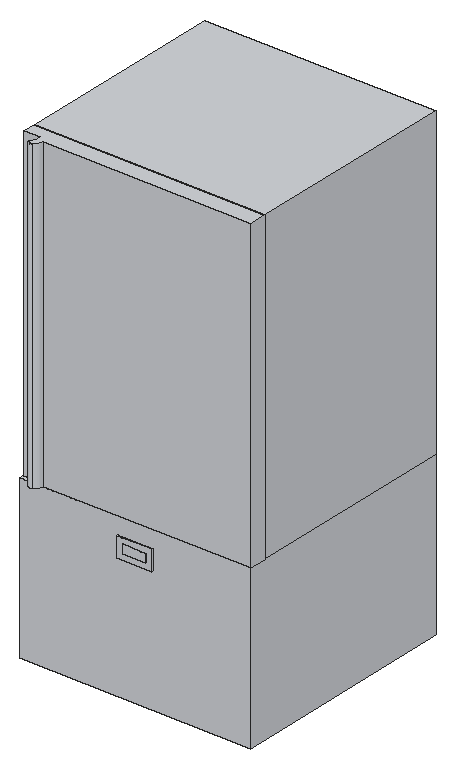
Revit family "Шкафы шоковой заморозки", category Оборудование, Revit 2020 (continued)
Automatic sketch dimensions
  curve 2245 to curve 2046 = 15 mm  (x2)
  curve 2239 to curve 2038 = 15 mm  (x2)
  curve 2293 to curve 2110 = 15 mm  (x2)
  curve 2365 to curve 2206 = 15 mm  (x2)
  curve 2359 to curve 2198 = 15 mm  (x2)
  curve 2142 to curve 2038 = 0 mm
  curve 2299 to curve 2118 = 15 mm  (x2)
  curve 2383 to curve 2230 = 15 mm  (x2)
  curve 2353 to curve 2190 = 15 mm  (x2)
  curve 2263 to curve 2070 = 15 mm  (x2)
  curve 2275 to curve 2086 = 15 mm  (x2)
  curve 2287 to curve 2110 = 0.858 mm
  curve 2317 to curve 2150 = 0.858 mm
  curve 2251 to curve 2062 = 0.858 mm
  curve 2323 to curve 2158 = 0.858 mm
  curve 2377 to curve 2230 = 0.858 mm
  curve 2383 to curve 2238 = 0.858 mm
  curve 2365 to curve 2214 = 0.858 mm
  curve 2275 to curve 2094 = 0.858 mm
  curve 2293 to curve 2118 = 0.858 mm
  curve 2305 to curve 2134 = 0.858 mm
  curve 2359 to curve 2206 = 0.858 mm
  curve 2263 to curve 2078 = 0.858 mm
  curve 2353 to curve 2198 = 0.858 mm
  curve 2299 to curve 2126 = 0.858 mm
  curve 2281 to curve 2102 = 0.858 mm
  curve 2245 to curve 2054 = 0.858 mm
  curve 2371 to curve 2222 = 0.858 mm
  curve 2239 to curve 2046 = 0.858 mm
  curve 2257 to curve 2070 = 0.858 mm
  curve 2347 to curve 2190 = 0.858 mm
  curve 2389 to curve 2238 = 0.858 mm
  curve 2269 to curve 2086 = 0.858 mm
  curve 2335 to curve 2174 = 0.858 mm
  curve 2329 to curve 2166 = 0.858 mm
  curve 2341 to curve 2182 = 0.858 mm
  curve 2311 to curve 2134 = 0.858 mm
  curve 2317 to curve 2142 = 15 mm
  curve 2214 to curve 2221 = 0.858 mm
  curve 2142 to curve 2141 = 0.858 mm
  curve 2166 to curve 2173 = 0.858 mm
  curve 2182 to curve 2189 = 0.858 mm
  curve 2206 to curve 2213 = 0.858 mm
  curve 2046 to curve 2053 = 0.858 mm
  curve 2038 to curve 2045 = 0.858 mm
  curve 2070 to curve 2077 = 0.858 mm
  curve 2142 to curve 2149 = 0.858 mm
  curve 2062 to curve 2069 = 0.858 mm
  curve 2126 to curve 2133 = 0.858 mm
  curve 2222 to curve 2229 = 0.858 mm
  curve 2150 to curve 2157 = 0.858 mm
  curve 2110 to curve 2117 = 0.858 mm
  curve 2086 to curve 2093 = 0.858 mm
  curve 2078 to curve 2085 = 0.858 mm
  curve 2158 to curve 2165 = 0.858 mm
  curve 2174 to curve 2181 = 0.858 mm
  curve 2230 to curve 2237 = 0.858 mm
  curve 2118 to curve 2125 = 0.858 mm
  curve 2054 to curve 2061 = 0.858 mm
  curve 2102 to curve 2109 = 0.858 mm
  curve 2190 to curve 2197 = 0.858 mm
  curve 2037 to curve 2141 = 0 mm
  curve 2094 to curve 2101 = 0.858 mm
  curve 2198 to curve 2205 = 0.858 mm
  curve 2222 to curve 2221 = 15 mm
  curve 2038 to curve 2037 = 15 mm
  curve 2078 to curve 2077 = 15 mm
  curve 2206 to curve 2205 = 15 mm
  curve 2214 to curve 2213 = 15 mm
  curve 2174 to curve 2173 = 15 mm
  curve 2230 to curve 2229 = 15 mm
  curve 2158 to curve 2157 = 15 mm
  curve 2070 to curve 2069 = 15 mm
  curve 2190 to curve 2189 = 15 mm
  curve 2046 to curve 2045 = 15 mm
  curve 2102 to curve 2101 = 15 mm
  curve 2118 to curve 2117 = 15 mm
  curve 2054 to curve 2053 = 15 mm
  curve 2126 to curve 2125 = 15 mm
  curve 2142 to curve 2141 = 15 mm
  curve 2086 to curve 2085 = 15 mm
  curve 2094 to curve 2093 = 15 mm
  curve 2198 to curve 2197 = 15 mm
  curve 2238 to curve 2237 = 15 mm
  curve 2110 to curve 2109 = 15 mm
  curve 2134 to curve 2133 = 15 mm
  curve 2062 to curve 2061 = 15 mm
  curve 2182 to curve 2181 = 15 mm
  curve 2150 to curve 2149 = 15 mm
  curve 2166 to curve 2165 = 15 mm
  curve 2101 to curve 2108 = 0.858 mm
  curve 2149 to curve 2156 = 0.858 mm
  curve 2181 to curve 2188 = 0.858 mm
  curve 2037 to curve 2036 = 0.858 mm
  curve 2213 to curve 2220 = 0.858 mm
  curve 2125 to curve 2132 = 0.858 mm
  curve 2197 to curve 2204 = 0.858 mm
  curve 2165 to curve 2172 = 0.858 mm
  curve 2037 to curve 2044 = 0.858 mm
  curve 2157 to curve 2164 = 0.858 mm
  curve 2109 to curve 2116 = 0.858 mm
  curve 2045 to curve 2052 = 0.858 mm
  curve 2140 to curve 2036 = 0 mm
  curve 2173 to curve 2180 = 0.858 mm
  curve 2141 to curve 2148 = 0.858 mm
  curve 2053 to curve 2060 = 0.858 mm
  curve 2117 to curve 2124 = 0.858 mm
  curve 2093 to curve 2100 = 0.858 mm
  curve 2205 to curve 2212 = 0.858 mm
  curve 2061 to curve 2068 = 0.858 mm
  curve 2069 to curve 2076 = 0.858 mm
  curve 2189 to curve 2196 = 0.858 mm
  curve 2085 to curve 2092 = 0.858 mm
  curve 2077 to curve 2084 = 0.858 mm
  curve 2229 to curve 2236 = 0.858 mm
  curve 2221 to curve 2228 = 0.858 mm
  curve 2133 to curve 2132 = 15 mm
  curve 2221 to curve 2220 = 15 mm
  curve 2181 to curve 2180 = 15 mm
  curve 2157 to curve 2156 = 15 mm
  curve 2037 to curve 2036 = 15 mm
  curve 2189 to curve 2188 = 15 mm
  curve 2205 to curve 2204 = 15 mm
  curve 2173 to curve 2172 = 15 mm
  curve 2045 to curve 2044 = 15 mm
  curve 2229 to curve 2228 = 15 mm
  curve 2117 to curve 2116 = 15 mm
  curve 2141 to curve 2140 = 15 mm
  curve 2053 to curve 2052 = 15 mm
  curve 2237 to curve 2236 = 15 mm
  curve 2061 to curve 2060 = 15 mm
  curve 2125 to curve 2124 = 15 mm
  curve 2069 to curve 2068 = 15 mm
  curve 2213 to curve 2212 = 15 mm
  curve 2077 to curve 2076 = 15 mm
  curve 2165 to curve 2164 = 15 mm
  curve 2085 to curve 2084 = 15 mm
  curve 2093 to curve 2092 = 15 mm
  curve 2197 to curve 2196 = 15 mm
  curve 2101 to curve 2100 = 15 mm
  curve 2109 to curve 2108 = 15 mm
  curve 2149 to curve 2148 = 15 mm
  curve 2044 to curve 2051 = 0.858 mm
  curve 2100 to curve 2107 = 0.858 mm
  curve 2204 to curve 2211 = 0.858 mm
  curve 2140 to curve 2147 = 0.858 mm
  curve 2092 to curve 2099 = 0.858 mm
  curve 2188 to curve 2195 = 0.858 mm
  curve 2212 to curve 2219 = 0.858 mm
  curve 2124 to curve 2131 = 0.858 mm
  curve 2084 to curve 2091 = 0.858 mm
  curve 2076 to curve 2083 = 0.858 mm
  curve 2172 to curve 2179 = 0.858 mm
  curve 2156 to curve 2163 = 0.858 mm
  curve 2116 to curve 2123 = 0.858 mm
  curve 2068 to curve 2075 = 0.858 mm
  curve 2164 to curve 2171 = 0.858 mm
  curve 2140 to curve 2139 = 0.858 mm
  curve 2060 to curve 2067 = 0.858 mm
  curve 2052 to curve 2059 = 0.858 mm
  curve 2148 to curve 2155 = 0.858 mm
  curve 2228 to curve 2235 = 0.858 mm
  curve 2108 to curve 2115 = 0.858 mm
  curve 2036 to curve 2043 = 0.858 mm
  curve 2035 to curve 2139 = 0 mm
  curve 2196 to curve 2203 = 0.858 mm
  curve 2180 to curve 2187 = 0.858 mm
  curve 2220 to curve 2227 = 0.858 mm
  curve 2228 to curve 2227 = 15 mm
  curve 2188 to curve 2187 = 15 mm
  curve 2116 to curve 2115 = 15 mm
  curve 2212 to curve 2211 = 15 mm
  curve 2204 to curve 2203 = 15 mm
  curve 2108 to curve 2107 = 15 mm
  curve 2044 to curve 2043 = 15 mm
  curve 2036 to curve 2035 = 15 mm
  curve 2196 to curve 2195 = 15 mm
  curve 2220 to curve 2219 = 15 mm
  curve 2100 to curve 2099 = 15 mm
  curve 2052 to curve 2051 = 15 mm
  curve 2132 to curve 2131 = 15 mm
  curve 2092 to curve 2091 = 15 mm
  curve 2236 to curve 2235 = 15 mm
  curve 2084 to curve 2083 = 15 mm
  curve 2180 to curve 2179 = 15 mm
  curve 2156 to curve 2155 = 15 mm
  curve 2164 to curve 2163 = 15 mm
  curve 2068 to curve 2067 = 15 mm
  curve 2172 to curve 2171 = 15 mm
  curve 2148 to curve 2147 = 15 mm
  curve 2124 to curve 2123 = 15 mm
  curve 2076 to curve 2075 = 15 mm
  curve 2140 to curve 2139 = 15 mm
  curve 2060 to curve 2059 = 15 mm
  curve 2067 to curve 2074 = 0.858 mm
  curve 2115 to curve 2122 = 0.858 mm
  curve 2075 to curve 2082 = 0.858 mm
  curve 2147 to curve 2154 = 0.858 mm
  curve 2155 to curve 2162 = 0.858 mm
  curve 2059 to curve 2066 = 0.858 mm
  curve 2051 to curve 2058 = 0.858 mm
  curve 2139 to curve 2146 = 0.858 mm
  curve 2123 to curve 2130 = 0.858 mm
  curve 2083 to curve 2090 = 0.858 mm
  curve 2227 to curve 2234 = 0.858 mm
  curve 2035 to curve 2034 = 0.858 mm
  curve 2091 to curve 2098 = 0.858 mm
  curve 2043 to curve 2050 = 0.858 mm
  curve 2171 to curve 2178 = 0.858 mm
  curve 2179 to curve 2186 = 0.858 mm
  curve 2187 to curve 2194 = 0.858 mm
  curve 2163 to curve 2170 = 0.858 mm
  curve 2211 to curve 2218 = 0.858 mm
  curve 2099 to curve 2106 = 0.858 mm
  curve 2195 to curve 2202 = 0.858 mm
  curve 2219 to curve 2226 = 0.858 mm
  curve 2107 to curve 2114 = 0.858 mm
  curve 2035 to curve 2042 = 0.858 mm
  curve 2138 to curve 2034 = 0 mm
  curve 2203 to curve 2210 = 0.858 mm
  curve 2051 to curve 2050 = 15 mm
  curve 2131 to curve 2130 = 15 mm
  curve 2171 to curve 2170 = 15 mm
  curve 2195 to curve 2194 = 15 mm
  curve 2163 to curve 2162 = 15 mm
  curve 2123 to curve 2122 = 15 mm
  curve 2115 to curve 2114 = 15 mm
  curve 2203 to curve 2202 = 15 mm
  curve 2179 to curve 2178 = 15 mm
  curve 2211 to curve 2210 = 15 mm
  curve 2155 to curve 2154 = 15 mm
  curve 2107 to curve 2106 = 15 mm
  curve 2099 to curve 2098 = 15 mm
  curve 2219 to curve 2218 = 15 mm
  curve 2147 to curve 2146 = 15 mm
  curve 2091 to curve 2090 = 15 mm
  curve 2035 to curve 2034 = 15 mm
  curve 2083 to curve 2082 = 15 mm
  curve 2227 to curve 2226 = 15 mm
  curve 2075 to curve 2074 = 15 mm
  curve 2043 to curve 2042 = 15 mm
  curve 2067 to curve 2066 = 15 mm
  curve 2187 to curve 2186 = 15 mm
  curve 2059 to curve 2058 = 15 mm
  curve 2235 to curve 2234 = 15 mm
  curve 2139 to curve 2138 = 15 mm
  curve 2138 to curve 2145 = 0.858 mm
  curve 2050 to curve 2057 = 0.858 mm
  curve 2178 to curve 2185 = 0.858 mm
  curve 2058 to curve 2065 = 0.858 mm
  curve 2226 to curve 2233 = 0.858 mm
  curve 2066 to curve 2073 = 0.858 mm
  curve 2034 to curve 2041 = 0.858 mm
  curve 2074 to curve 2081 = 0.858 mm
  curve 2218 to curve 2225 = 0.858 mm
  curve 2082 to curve 2089 = 0.858 mm
  curve 2034 to curve 2033 = 0.858 mm
  curve 2090 to curve 2097 = 0.858 mm
  curve 2210 to curve 2217 = 0.858 mm
  curve 2098 to curve 2105 = 0.858 mm
  curve 2146 to curve 2153 = 0.858 mm
  curve 2170 to curve 2177 = 0.858 mm
  curve 2202 to curve 2209 = 0.858 mm
  curve 2106 to curve 2113 = 0.858 mm
  curve 2194 to curve 2201 = 0.858 mm
  curve 2114 to curve 2121 = 0.858 mm
  curve 2154 to curve 2161 = 0.858 mm
  curve 2122 to curve 2129 = 0.858 mm
  curve 2162 to curve 2169 = 0.858 mm
  curve 2137 to curve 2033 = 0 mm
  curve 2042 to curve 2049 = 0.858 mm
  curve 2186 to curve 2193 = 0.858 mm
  curve 2042 to curve 2041 = 15 mm
  curve 2082 to curve 2081 = 15 mm
  curve 2178 to curve 2177 = 15 mm
  curve 2074 to curve 2073 = 15 mm
  curve 2066 to curve 2065 = 15 mm
  curve 2090 to curve 2089 = 15 mm
  curve 2218 to curve 2217 = 15 mm
  curve 2058 to curve 2057 = 15 mm
  curve 2146 to curve 2145 = 15 mm
  curve 2098 to curve 2097 = 15 mm
  curve 2050 to curve 2049 = 15 mm
  curve 2106 to curve 2105 = 15 mm
  curve 2154 to curve 2153 = 15 mm
  curve 2210 to curve 2209 = 15 mm
  curve 2138 to curve 2137 = 15 mm
  curve 2202 to curve 2201 = 15 mm
  curve 2114 to curve 2113 = 15 mm
  curve 2234 to curve 2233 = 15 mm
  curve 2170 to curve 2169 = 15 mm
  curve 2162 to curve 2161 = 15 mm
  curve 2130 to curve 2129 = 15 mm
  curve 2194 to curve 2193 = 15 mm
  curve 2226 to curve 2225 = 15 mm
  curve 2186 to curve 2185 = 15 mm
  curve 2034 to curve 2033 = 15 mm
  curve 2122 to curve 2121 = 15 mm
  curve 2217 to curve 2224 = 0.858 mm
  curve 2169 to curve 2176 = 0.858 mm
  curve 2113 to curve 2120 = 0.858 mm
  curve 2177 to curve 2184 = 0.858 mm
  curve 2033 to curve 2032 = 0.858 mm
  curve 2065 to curve 2072 = 0.858 mm
  curve 2057 to curve 2064 = 0.858 mm
  curve 2081 to curve 2088 = 0.858 mm
  curve 2185 to curve 2192 = 0.858 mm
  curve 2121 to curve 2128 = 0.858 mm
  curve 2033 to curve 2040 = 0.858 mm
  curve 2209 to curve 2216 = 0.858 mm
  curve 2049 to curve 2056 = 0.858 mm
  curve 2153 to curve 2160 = 0.858 mm
  curve 2161 to curve 2168 = 0.858 mm
  curve 2089 to curve 2096 = 0.858 mm
  curve 2137 to curve 2144 = 0.858 mm
  curve 2225 to curve 2232 = 0.858 mm
  curve 2201 to curve 2208 = 0.858 mm
  curve 2193 to curve 2200 = 0.858 mm
  curve 2105 to curve 2112 = 0.858 mm
  curve 2097 to curve 2104 = 0.858 mm
  curve 2145 to curve 2152 = 0.858 mm
  curve 2041 to curve 2048 = 0.858 mm
  curve 2136 to curve 2032 = 0 mm
  curve 2073 to curve 2080 = 0.858 mm
  curve 2113 to curve 2112 = 15 mm
  curve 2137 to curve 2136 = 15 mm
  curve 2105 to curve 2104 = 15 mm
  curve 2201 to curve 2200 = 15 mm
  curve 2145 to curve 2144 = 15 mm
  curve 2057 to curve 2056 = 15 mm
  curve 2233 to curve 2232 = 15 mm
  curve 2169 to curve 2168 = 15 mm
  curve 2097 to curve 2096 = 15 mm
  curve 2161 to curve 2160 = 15 mm
  curve 2209 to curve 2208 = 15 mm
  curve 2033 to curve 2032 = 15 mm
  curve 2153 to curve 2152 = 15 mm
  curve 2065 to curve 2064 = 15 mm
  curve 2121 to curve 2120 = 15 mm
  curve 2193 to curve 2192 = 15 mm
  curve 2089 to curve 2088 = 15 mm
  curve 2041 to curve 2040 = 15 mm
  curve 2177 to curve 2176 = 15 mm
  curve 2073 to curve 2072 = 15 mm
  curve 2129 to curve 2128 = 15 mm
  curve 2225 to curve 2224 = 15 mm
  curve 2217 to curve 2216 = 15 mm
  curve 2081 to curve 2080 = 15 mm
  curve 2049 to curve 2048 = 15 mm
  curve 2185 to curve 2184 = 15 mm
  curve 2208 to curve 2215 = 0.858 mm
  curve 2072 to curve 2079 = 0.858 mm
  curve 2176 to curve 2183 = 0.858 mm
  curve 2184 to curve 2191 = 0.858 mm
  curve 2168 to curve 2175 = 0.858 mm
  curve 2192 to curve 2199 = 0.858 mm
  curve 2064 to curve 2071 = 0.858 mm
  curve 2144 to curve 2151 = 0.858 mm
  curve 2112 to curve 2119 = 0.858 mm
  curve 2216 to curve 2223 = 0.858 mm
  curve 2120 to curve 2127 = 0.858 mm
  curve 2224 to curve 2231 = 0.858 mm
  curve 2080 to curve 2087 = 0.858 mm
  curve 2160 to curve 2167 = 0.858 mm
  curve 2056 to curve 2063 = 0.858 mm
  curve 2136 to curve 2143 = 0.858 mm
  curve 2200 to curve 2207 = 0.858 mm
  curve 2040 to curve 2047 = 0.858 mm
  curve 2104 to curve 2111 = 0.858 mm
  curve 2136 to curve 2135 = 0.858 mm
  curve 2088 to curve 2095 = 0.858 mm
  curve 2152 to curve 2159 = 0.858 mm
  curve 2096 to curve 2103 = 0.858 mm
  curve 2031 to curve 2135 = 0 mm
  curve 2048 to curve 2055 = 0.858 mm
  curve 2032 to curve 2039 = 0.858 mm
  curve 2151 to curve 1457 = 15 mm  (x2)
  curve 2167 to curve 1481 = 15 mm  (x2)
  curve 2071 to curve 1297 = 15 mm  (x2)
  curve 2223 to curve 1600 = 15 mm  (x2)
  curve 2111 to curve 1382 = 15 mm  (x2)
  curve 2175 to curve 1498 = 15 mm  (x2)
  curve 2119 to curve 1399 = 15 mm  (x2)
  curve 2055 to curve 1268 = 15 mm  (x2)
  curve 2143 to curve 1445 = 15 mm  (x2)
  curve 2031 to curve 1232 = 15 mm  (x2)
  curve 2215 to curve 1583 = 15 mm  (x2)
  curve 2039 to curve 1244 = 15 mm  (x2)
  curve 2079 to curve 1314 = 15 mm  (x2)
  curve 2183 to curve 1515 = 15 mm  (x2)
  curve 2207 to curve 1566 = 15 mm  (x2)
  curve 2047 to curve 1256 = 15 mm  (x2)
  curve 2231 to curve 1617 = 15 mm  (x2)
  curve 1433 to curve 1232 = 0 mm
  curve 2199 to curve 1549 = 15 mm  (x2)
  curve 2127 to curve 1416 = 15 mm  (x2)
  curve 2095 to curve 1348 = 15 mm  (x2)
  curve 2103 to curve 1365 = 15 mm  (x2)
  curve 2063 to curve 1280 = 15 mm  (x2)
  curve 2159 to curve 1469 = 15 mm  (x2)
  curve 2087 to curve 1331 = 15 mm  (x2)
  curve 2191 to curve 1532 = 15 mm  (x2)
  curve 2039 to curve 1256 = 0.858 mm
  curve 2183 to curve 1532 = 0.858 mm
  curve 2223 to curve 1617 = 0.858 mm
  curve 2127 to curve 1416 = 0.858 mm
  curve 2231 to curve 1617 = 0.858 mm
  curve 2119 to curve 1416 = 0.858 mm
  curve 2207 to curve 1583 = 0.858 mm
  curve 2047 to curve 1268 = 0.858 mm
  curve 2135 to curve 1445 = 0.858 mm
  curve 2111 to curve 1399 = 0.858 mm
  curve 2055 to curve 1280 = 0.858 mm
  curve 2103 to curve 1382 = 0.858 mm
  curve 2031 to curve 1244 = 0.858 mm
  curve 2159 to curve 1481 = 0.858 mm
  curve 2095 to curve 1365 = 0.858 mm
  curve 2167 to curve 1498 = 0.858 mm
  curve 2143 to curve 1457 = 0.858 mm
  curve 2063 to curve 1297 = 0.858 mm
  curve 2199 to curve 1566 = 0.858 mm
  curve 2071 to curve 1314 = 0.858 mm
  curve 2175 to curve 1515 = 0.858 mm
  curve 2087 to curve 1348 = 0.858 mm
  curve 2079 to curve 1331 = 0.858 mm
  curve 2191 to curve 1549 = 0.858 mm
  curve 2215 to curve 1600 = 0.858 mm
  curve 2151 to curve 1469 = 0.858 mm
  curve 2135 to curve 1433 = 15 mm
  curve 1515 to curve 1531 = 0.858 mm
  curve 1433 to curve 1444 = 0.858 mm
  curve 1331 to curve 1347 = 0.858 mm
  curve 1244 to curve 1255 = 0.858 mm
  curve 1433 to curve 1432 = 0.858 mm
  curve 1549 to curve 1565 = 0.858 mm
  curve 1445 to curve 1456 = 0.858 mm
  curve 1600 to curve 1616 = 0.858 mm
  curve 1256 to curve 1267 = 0.858 mm
  curve 1566 to curve 1582 = 0.858 mm
  curve 1232 to curve 1243 = 0.858 mm
  curve 1365 to curve 1381 = 0.858 mm
  curve 1314 to curve 1330 = 0.858 mm
  curve 1382 to curve 1398 = 0.858 mm
  curve 1268 to curve 1279 = 0.858 mm
  curve 1399 to curve 1415 = 0.858 mm
  curve 1469 to curve 1480 = 0.858 mm
  curve 1457 to curve 1468 = 0.858 mm
  curve 1297 to curve 1313 = 0.858 mm
  curve 1481 to curve 1497 = 0.858 mm
  curve 1231 to curve 1432 = 0 mm
  curve 1280 to curve 1296 = 0.858 mm
  curve 1583 to curve 1599 = 0.858 mm
  curve 1532 to curve 1548 = 0.858 mm
  curve 1498 to curve 1514 = 0.858 mm
  curve 1348 to curve 1364 = 0.858 mm
  curve 1515 to curve 1514 = 15 mm
  curve 1416 to curve 1415 = 15 mm
  curve 1532 to curve 1531 = 15 mm
  curve 1268 to curve 1267 = 15 mm
  curve 1232 to curve 1231 = 15 mm
  curve 1348 to curve 1347 = 15 mm
  curve 1297 to curve 1296 = 15 mm
  curve 1365 to curve 1364 = 15 mm
  curve 1469 to curve 1468 = 15 mm
  curve 1314 to curve 1313 = 15 mm
  curve 1617 to curve 1616 = 15 mm
  curve 1498 to curve 1497 = 15 mm
  curve 1280 to curve 1279 = 15 mm
  curve 1331 to curve 1330 = 15 mm
  curve 1445 to curve 1444 = 15 mm
  curve 1549 to curve 1548 = 15 mm
  curve 1583 to curve 1582 = 15 mm
  curve 1244 to curve 1243 = 15 mm
  curve 1457 to curve 1456 = 15 mm
  curve 1481 to curve 1480 = 15 mm
  curve 1256 to curve 1255 = 15 mm
  curve 1382 to curve 1381 = 15 mm
  curve 1600 to curve 1599 = 15 mm
  curve 1399 to curve 1398 = 15 mm
  curve 1566 to curve 1565 = 15 mm
  curve 1433 to curve 1432 = 15 mm
  curve 1582 to curve 1598 = 0.858 mm
  curve 1364 to curve 1380 = 0.858 mm
  curve 1231 to curve 1230 = 0.858 mm
  curve 1531 to curve 1547 = 0.858 mm
  curve 1444 to curve 1455 = 0.858 mm
  curve 1347 to curve 1363 = 0.858 mm
  curve 1565 to curve 1581 = 0.858 mm
  curve 1243 to curve 1254 = 0.858 mm
  curve 1267 to curve 1278 = 0.858 mm
  curve 1432 to curve 1443 = 0.858 mm
  curve 1599 to curve 1615 = 0.858 mm
  curve 1296 to curve 1312 = 0.858 mm
  curve 1398 to curve 1414 = 0.858 mm
  curve 1456 to curve 1467 = 0.858 mm
  curve 1497 to curve 1513 = 0.858 mm
  curve 1330 to curve 1346 = 0.858 mm
  curve 1480 to curve 1496 = 0.858 mm
  curve 1381 to curve 1397 = 0.858 mm
  curve 1514 to curve 1530 = 0.858 mm
  curve 1279 to curve 1295 = 0.858 mm
  curve 1313 to curve 1329 = 0.858 mm
  curve 1231 to curve 1242 = 0.858 mm
  curve 1431 to curve 1230 = 0 mm
  curve 1548 to curve 1564 = 0.858 mm
  curve 1468 to curve 1479 = 0.858 mm
  curve 1255 to curve 1266 = 0.858 mm
  curve 1267 to curve 1266 = 15 mm
  curve 1480 to curve 1479 = 15 mm
  curve 1243 to curve 1242 = 15 mm
  curve 1432 to curve 1431 = 15 mm
  curve 1347 to curve 1346 = 15 mm
  curve 1531 to curve 1530 = 15 mm
  curve 1398 to curve 1397 = 15 mm
  curve 1415 to curve 1414 = 15 mm
  curve 1444 to curve 1443 = 15 mm
  curve 1616 to curve 1615 = 15 mm
  curve 1364 to curve 1363 = 15 mm
  curve 1381 to curve 1380 = 15 mm
  curve 1548 to curve 1547 = 15 mm
  curve 1582 to curve 1581 = 15 mm
  curve 1456 to curve 1455 = 15 mm
  curve 1279 to curve 1278 = 15 mm
  curve 1255 to curve 1254 = 15 mm
  curve 1313 to curve 1312 = 15 mm
  curve 1514 to curve 1513 = 15 mm
  curve 1231 to curve 1230 = 15 mm
  curve 1599 to curve 1598 = 15 mm
  curve 1497 to curve 1496 = 15 mm
  curve 1468 to curve 1467 = 15 mm
  curve 1330 to curve 1329 = 15 mm
  curve 1565 to curve 1564 = 15 mm
  curve 1296 to curve 1295 = 15 mm
  curve 1278 to curve 1294 = 0.858 mm
  curve 1363 to curve 1379 = 0.858 mm
  curve 1242 to curve 1253 = 0.858 mm
  curve 1598 to curve 1614 = 0.858 mm
  curve 1431 to curve 1430 = 0.858 mm
  curve 1312 to curve 1328 = 0.858 mm
  curve 1431 to curve 1442 = 0.858 mm
  curve 1397 to curve 1413 = 0.858 mm
  curve 1547 to curve 1563 = 0.858 mm
  curve 1513 to curve 1529 = 0.858 mm
  curve 1380 to curve 1396 = 0.858 mm
  curve 1443 to curve 1454 = 0.858 mm
  curve 1346 to curve 1362 = 0.858 mm
  curve 1295 to curve 1311 = 0.858 mm
  curve 1581 to curve 1597 = 0.858 mm
  curve 1229 to curve 1430 = 0 mm
  curve 1230 to curve 1241 = 0.858 mm
  curve 1530 to curve 1546 = 0.858 mm
  curve 1496 to curve 1512 = 0.858 mm
  curve 1266 to curve 1277 = 0.858 mm
  curve 1564 to curve 1580 = 0.858 mm
  curve 1254 to curve 1265 = 0.858 mm
  curve 1467 to curve 1478 = 0.858 mm
  curve 1329 to curve 1345 = 0.858 mm
  curve 1479 to curve 1495 = 0.858 mm
  curve 1455 to curve 1466 = 0.858 mm
  curve 1547 to curve 1546 = 15 mm
  curve 1598 to curve 1597 = 15 mm
  curve 1414 to curve 1413 = 15 mm
  curve 1496 to curve 1495 = 15 mm
  curve 1380 to curve 1379 = 15 mm
  curve 1615 to curve 1614 = 15 mm
  curve 1254 to curve 1253 = 15 mm
  curve 1564 to curve 1563 = 15 mm
  curve 1431 to curve 1430 = 15 mm
  curve 1295 to curve 1294 = 15 mm
  curve 1530 to curve 1529 = 15 mm
  curve 1397 to curve 1396 = 15 mm
  curve 1455 to curve 1454 = 15 mm
  curve 1363 to curve 1362 = 15 mm
  curve 1312 to curve 1311 = 15 mm
  curve 1230 to curve 1229 = 15 mm
  curve 1242 to curve 1241 = 15 mm
  curve 1467 to curve 1466 = 15 mm
  curve 1513 to curve 1512 = 15 mm
  curve 1278 to curve 1277 = 15 mm
  curve 1479 to curve 1478 = 15 mm
  curve 1266 to curve 1265 = 15 mm
  curve 1346 to curve 1345 = 15 mm
  curve 1581 to curve 1580 = 15 mm
  curve 1443 to curve 1442 = 15 mm
  curve 1329 to curve 1328 = 15 mm
  curve 1311 to curve 1327 = 0.858 mm
  curve 1478 to curve 1494 = 0.858 mm
  curve 1563 to curve 1579 = 0.858 mm
  curve 1229 to curve 1240 = 0.858 mm
  curve 1328 to curve 1344 = 0.858 mm
  curve 1253 to curve 1264 = 0.858 mm
  curve 1379 to curve 1395 = 0.858 mm
  curve 1466 to curve 1477 = 0.858 mm
  curve 1265 to curve 1276 = 0.858 mm
  curve 1529 to curve 1545 = 0.858 mm
  curve 1495 to curve 1511 = 0.858 mm
  curve 1229 to curve 1228 = 0.858 mm
  curve 1580 to curve 1596 = 0.858 mm
  curve 1454 to curve 1465 = 0.858 mm
  curve 1345 to curve 1361 = 0.858 mm
  curve 1442 to curve 1453 = 0.858 mm
  curve 1396 to curve 1412 = 0.858 mm
  curve 1512 to curve 1528 = 0.858 mm
  curve 1294 to curve 1310 = 0.858 mm
  curve 1362 to curve 1378 = 0.858 mm
  curve 1277 to curve 1293 = 0.858 mm
  curve 1430 to curve 1441 = 0.858 mm
  curve 1429 to curve 1228 = 0 mm
  curve 1546 to curve 1562 = 0.858 mm
  curve 1241 to curve 1252 = 0.858 mm
  curve 1597 to curve 1613 = 0.858 mm
  curve 1294 to curve 1293 = 15 mm
  curve 1241 to curve 1240 = 15 mm
  curve 1563 to curve 1562 = 15 mm
  curve 1253 to curve 1252 = 15 mm
  curve 1495 to curve 1494 = 15 mm
  curve 1345 to curve 1344 = 15 mm
  curve 1430 to curve 1429 = 15 mm
  curve 1614 to curve 1613 = 15 mm
  curve 1597 to curve 1596 = 15 mm
  curve 1396 to curve 1395 = 15 mm
  curve 1442 to curve 1441 = 15 mm
  curve 1265 to curve 1264 = 15 mm
  curve 1379 to curve 1378 = 15 mm
  curve 1328 to curve 1327 = 15 mm
  curve 1478 to curve 1477 = 15 mm
  curve 1311 to curve 1310 = 15 mm
  curve 1277 to curve 1276 = 15 mm
  curve 1454 to curve 1453 = 15 mm
  curve 1413 to curve 1412 = 15 mm
  curve 1529 to curve 1528 = 15 mm
  curve 1512 to curve 1511 = 15 mm
  curve 1546 to curve 1545 = 15 mm
  curve 1362 to curve 1361 = 15 mm
  curve 1229 to curve 1228 = 15 mm
  curve 1580 to curve 1579 = 15 mm
  curve 1466 to curve 1465 = 15 mm
  curve 1293 to curve 1309 = 0.858 mm
  curve 1528 to curve 1544 = 0.858 mm
  curve 1344 to curve 1360 = 0.858 mm
  curve 1228 to curve 1227 = 0.858 mm
  curve 1395 to curve 1411 = 0.858 mm
  curve 1465 to curve 1476 = 0.858 mm
  curve 1511 to curve 1527 = 0.858 mm
  curve 1494 to curve 1510 = 0.858 mm
  curve 1310 to curve 1326 = 0.858 mm
  curve 1441 to curve 1452 = 0.858 mm
  curve 1276 to curve 1292 = 0.858 mm
  curve 1596 to curve 1612 = 0.858 mm
  curve 1252 to curve 1263 = 0.858 mm
  curve 1361 to curve 1377 = 0.858 mm
  curve 1429 to curve 1440 = 0.858 mm
  curve 1264 to curve 1275 = 0.858 mm
  curve 1477 to curve 1493 = 0.858 mm
  curve 1378 to curve 1394 = 0.858 mm
  curve 1428 to curve 1227 = 0 mm
  curve 1327 to curve 1343 = 0.858 mm
  curve 1579 to curve 1595 = 0.858 mm
  curve 1545 to curve 1561 = 0.858 mm
  curve 1453 to curve 1464 = 0.858 mm
  curve 1562 to curve 1578 = 0.858 mm
  curve 1228 to curve 1239 = 0.858 mm
  curve 1240 to curve 1251 = 0.858 mm
  curve 1429 to curve 1428 = 15 mm
  curve 1378 to curve 1377 = 15 mm
  curve 1264 to curve 1263 = 15 mm
  curve 1562 to curve 1561 = 15 mm
  curve 1528 to curve 1527 = 15 mm
  curve 1477 to curve 1476 = 15 mm
  curve 1412 to curve 1411 = 15 mm
  curve 1596 to curve 1595 = 15 mm
  curve 1344 to curve 1343 = 15 mm
  curve 1465 to curve 1464 = 15 mm
  curve 1579 to curve 1578 = 15 mm
  curve 1361 to curve 1360 = 15 mm
  curve 1453 to curve 1452 = 15 mm
  curve 1511 to curve 1510 = 15 mm
  curve 1545 to curve 1544 = 15 mm
  curve 1240 to curve 1239 = 15 mm
  curve 1276 to curve 1275 = 15 mm
  curve 1327 to curve 1326 = 15 mm
  curve 1395 to curve 1394 = 15 mm
  curve 1613 to curve 1612 = 15 mm
  curve 1228 to curve 1227 = 15 mm
  curve 1293 to curve 1292 = 15 mm
  curve 1310 to curve 1309 = 15 mm
  curve 1494 to curve 1493 = 15 mm
  curve 1441 to curve 1440 = 15 mm
  curve 1252 to curve 1251 = 15 mm
  curve 1428 to curve 1439 = 0.858 mm
  curve 1476 to curve 1492 = 0.858 mm
  curve 1275 to curve 1291 = 0.858 mm
  curve 1377 to curve 1393 = 0.858 mm
  curve 1227 to curve 1226 = 0.858 mm
  curve 1595 to curve 1611 = 0.858 mm
  curve 1263 to curve 1274 = 0.858 mm
  curve 1309 to curve 1325 = 0.858 mm
  curve 1493 to curve 1509 = 0.858 mm
  curve 1440 to curve 1451 = 0.858 mm
  curve 1527 to curve 1543 = 0.858 mm
  curve 1343 to curve 1359 = 0.858 mm
  curve 1394 to curve 1410 = 0.858 mm
  curve 1544 to curve 1560 = 0.858 mm
  curve 1427 to curve 1226 = 0 mm
  curve 1561 to curve 1577 = 0.858 mm
  curve 1452 to curve 1463 = 0.858 mm
  curve 1326 to curve 1342 = 0.858 mm
  curve 1578 to curve 1594 = 0.858 mm
  curve 1227 to curve 1238 = 0.858 mm
  curve 1239 to curve 1250 = 0.858 mm
  curve 1510 to curve 1526 = 0.858 mm
  curve 1464 to curve 1475 = 0.858 mm
  curve 1360 to curve 1376 = 0.858 mm
  curve 1251 to curve 1262 = 0.858 mm
  curve 1292 to curve 1308 = 0.858 mm
  curve 1527 to curve 1526 = 15 mm
  curve 1251 to curve 1250 = 15 mm
  curve 1239 to curve 1238 = 15 mm
  curve 1595 to curve 1594 = 15 mm
  curve 1377 to curve 1376 = 15 mm
  curve 1428 to curve 1427 = 15 mm
  curve 1578 to curve 1577 = 15 mm
  curve 1544 to curve 1543 = 15 mm
  curve 1360 to curve 1359 = 15 mm
  curve 1510 to curve 1509 = 15 mm
  curve 1612 to curve 1611 = 15 mm
  curve 1292 to curve 1291 = 15 mm
  curve 1440 to curve 1439 = 15 mm
  curve 1309 to curve 1308 = 15 mm
  curve 1394 to curve 1393 = 15 mm
  curve 1493 to curve 1492 = 15 mm
  curve 1227 to curve 1226 = 15 mm
  curve 1452 to curve 1451 = 15 mm
  curve 1326 to curve 1325 = 15 mm
  curve 1275 to curve 1274 = 15 mm
  curve 1561 to curve 1560 = 15 mm
  curve 1411 to curve 1410 = 15 mm
  curve 1464 to curve 1463 = 15 mm
  curve 1343 to curve 1342 = 15 mm
  curve 1476 to curve 1475 = 15 mm
  curve 1263 to curve 1262 = 15 mm
  curve 1393 to curve 1409 = 0.858 mm
  curve 1543 to curve 1559 = 0.858 mm
  curve 1250 to curve 1261 = 0.858 mm
  curve 1463 to curve 1474 = 0.858 mm
  curve 1492 to curve 1508 = 0.858 mm
  curve 1594 to curve 1610 = 0.858 mm
  curve 1308 to curve 1324 = 0.858 mm
  curve 1342 to curve 1358 = 0.858 mm
  curve 1325 to curve 1341 = 0.858 mm
  curve 1427 to curve 1438 = 0.858 mm
  curve 1359 to curve 1375 = 0.858 mm
  curve 1451 to curve 1462 = 0.858 mm
  curve 1475 to curve 1491 = 0.858 mm
  curve 1291 to curve 1307 = 0.858 mm
  curve 1376 to curve 1392 = 0.858 mm
  curve 1509 to curve 1525 = 0.858 mm
  curve 1577 to curve 1593 = 0.858 mm
  curve 1427 to curve 1426 = 0.858 mm
  curve 1439 to curve 1450 = 0.858 mm
  curve 1560 to curve 1576 = 0.858 mm
  curve 1526 to curve 1542 = 0.858 mm
  curve 1225 to curve 1426 = 0 mm
  curve 1262 to curve 1273 = 0.858 mm
  curve 1238 to curve 1249 = 0.858 mm
  curve 1226 to curve 1237 = 0.858 mm
  curve 1274 to curve 1290 = 0.858 mm
  curve 1543 to curve 1542 = 15 mm
  curve 1577 to curve 1576 = 15 mm
  curve 1427 to curve 1426 = 15 mm
  curve 1274 to curve 1273 = 15 mm
  curve 1492 to curve 1491 = 15 mm
  curve 1594 to curve 1593 = 15 mm
  curve 1463 to curve 1462 = 15 mm
  curve 1393 to curve 1392 = 15 mm
  curve 1526 to curve 1525 = 15 mm
  curve 1308 to curve 1307 = 15 mm
  curve 1250 to curve 1249 = 15 mm
  curve 1376 to curve 1375 = 15 mm
  curve 1359 to curve 1358 = 15 mm
  curve 1475 to curve 1474 = 15 mm
  curve 1439 to curve 1438 = 15 mm
  curve 1226 to curve 1225 = 15 mm
  curve 1325 to curve 1324 = 15 mm
  curve 1451 to curve 1450 = 15 mm
  curve 1611 to curve 1610 = 15 mm
  curve 1342 to curve 1341 = 15 mm
  curve 1410 to curve 1409 = 15 mm
  curve 1509 to curve 1508 = 15 mm
  curve 1291 to curve 1290 = 15 mm
  curve 1262 to curve 1261 = 15 mm
  curve 1560 to curve 1559 = 15 mm
  curve 1238 to curve 1237 = 15 mm
  curve 1491 to curve 1507 = 0.858 mm
  curve 1273 to curve 1289 = 0.858 mm
  curve 1438 to curve 1449 = 0.858 mm
  curve 1593 to curve 1609 = 0.858 mm
  curve 1249 to curve 1260 = 0.858 mm
  curve 1358 to curve 1374 = 0.858 mm
  curve 1341 to curve 1357 = 0.858 mm
  curve 1508 to curve 1524 = 0.858 mm
  curve 1576 to curve 1592 = 0.858 mm
  curve 1474 to curve 1490 = 0.858 mm
  curve 1426 to curve 1425 = 0.858 mm
  curve 1225 to curve 1236 = 0.858 mm
  curve 1525 to curve 1541 = 0.858 mm
  curve 1559 to curve 1575 = 0.858 mm
  curve 1450 to curve 1461 = 0.858 mm
  curve 1375 to curve 1391 = 0.858 mm
  curve 1290 to curve 1306 = 0.858 mm
  curve 1261 to curve 1272 = 0.858 mm
  curve 1237 to curve 1248 = 0.858 mm
  curve 1224 to curve 1425 = 0 mm
  curve 1462 to curve 1473 = 0.858 mm
  curve 1307 to curve 1323 = 0.858 mm
  curve 1392 to curve 1408 = 0.858 mm
  curve 1324 to curve 1340 = 0.858 mm
  curve 1542 to curve 1558 = 0.858 mm
  curve 1426 to curve 1437 = 0.858 mm
  curve 1341 to curve 1340 = 15 mm
  curve 1474 to curve 1473 = 15 mm
  curve 1324 to curve 1323 = 15 mm
  curve 1237 to curve 1236 = 15 mm
  curve 1576 to curve 1575 = 15 mm
  curve 1426 to curve 1425 = 15 mm
  curve 1593 to curve 1592 = 15 mm
  curve 1525 to curve 1524 = 15 mm
  curve 1375 to curve 1374 = 15 mm
  curve 1559 to curve 1558 = 15 mm
  curve 1438 to curve 1437 = 15 mm
  curve 1307 to curve 1306 = 15 mm
  curve 1225 to curve 1224 = 15 mm
  curve 1273 to curve 1272 = 15 mm
  curve 1462 to curve 1461 = 15 mm
  curve 1249 to curve 1248 = 15 mm
  curve 1610 to curve 1609 = 15 mm
  curve 1409 to curve 1408 = 15 mm
  curve 1261 to curve 1260 = 15 mm
  curve 1392 to curve 1391 = 15 mm
  curve 1290 to curve 1289 = 15 mm
  curve 1508 to curve 1507 = 15 mm
  curve 1358 to curve 1357 = 15 mm
  curve 1450 to curve 1449 = 15 mm
  curve 1491 to curve 1490 = 15 mm
  curve 1542 to curve 1541 = 15 mm
  curve 1289 to curve 1305 = 0.858 mm
  curve 1473 to curve 1489 = 0.858 mm
  curve 1437 to curve 1448 = 0.858 mm
  curve 1524 to curve 1540 = 0.858 mm
  curve 1461 to curve 1472 = 0.858 mm
  curve 1340 to curve 1356 = 0.858 mm
  curve 1306 to curve 1322 = 0.858 mm
  curve 1224 to curve 1235 = 0.858 mm
  curve 1272 to curve 1288 = 0.858 mm
  curve 1558 to curve 1574 = 0.858 mm
  curve 1425 to curve 1424 = 0.858 mm
  curve 1490 to curve 1506 = 0.858 mm
  curve 1575 to curve 1591 = 0.858 mm
  curve 1374 to curve 1390 = 0.858 mm
  curve 1260 to curve 1271 = 0.858 mm
  curve 1248 to curve 1259 = 0.858 mm
  curve 1507 to curve 1523 = 0.858 mm
  curve 1236 to curve 1247 = 0.858 mm
  curve 1541 to curve 1557 = 0.858 mm
  curve 1592 to curve 1608 = 0.858 mm
  curve 1323 to curve 1339 = 0.858 mm
  curve 1449 to curve 1460 = 0.858 mm
  curve 1223 to curve 1424 = 0 mm
  curve 1357 to curve 1373 = 0.858 mm
  curve 1425 to curve 1436 = 0.858 mm
  curve 1391 to curve 1407 = 0.858 mm
  curve 1437 to curve 1436 = 15 mm
  curve 1374 to curve 1373 = 15 mm
  curve 1224 to curve 1223 = 15 mm
  curve 1609 to curve 1608 = 15 mm
  curve 1461 to curve 1460 = 15 mm
  curve 1524 to curve 1523 = 15 mm
  curve 1260 to curve 1259 = 15 mm
  curve 1340 to curve 1339 = 15 mm
  curve 1558 to curve 1557 = 15 mm
  curve 1272 to curve 1271 = 15 mm
  curve 1306 to curve 1305 = 15 mm
  curve 1408 to curve 1407 = 15 mm
  curve 1507 to curve 1506 = 15 mm
  curve 1425 to curve 1424 = 15 mm
  curve 1248 to curve 1247 = 15 mm
  curve 1236 to curve 1235 = 15 mm
  curve 1289 to curve 1288 = 15 mm
  curve 1473 to curve 1472 = 15 mm
  curve 1323 to curve 1322 = 15 mm
  curve 1490 to curve 1489 = 15 mm
  curve 1391 to curve 1390 = 15 mm
  curve 1541 to curve 1540 = 15 mm
  curve 1449 to curve 1448 = 15 mm
  curve 1357 to curve 1356 = 15 mm
  curve 1592 to curve 1591 = 15 mm
  curve 1575 to curve 1574 = 15 mm
  curve 1523 to curve 1539 = 0.858 mm
  curve 1424 to curve 1423 = 0.858 mm
  curve 1540 to curve 1556 = 0.858 mm
  curve 1591 to curve 1607 = 0.858 mm
  curve 1223 to curve 1234 = 0.858 mm
  curve 1424 to curve 1435 = 0.858 mm
  curve 1506 to curve 1522 = 0.858 mm
  curve 1356 to curve 1372 = 0.858 mm
  curve 1247 to curve 1258 = 0.858 mm
  curve 1489 to curve 1505 = 0.858 mm
  curve 1235 to curve 1246 = 0.858 mm
  curve 1373 to curve 1389 = 0.858 mm
  curve 1436 to curve 1447 = 0.858 mm
  curve 1305 to curve 1321 = 0.858 mm
  curve 1271 to curve 1287 = 0.858 mm
  curve 1472 to curve 1488 = 0.858 mm
  curve 1288 to curve 1304 = 0.858 mm
  curve 1339 to curve 1355 = 0.858 mm
  curve 1322 to curve 1338 = 0.858 mm
  curve 1448 to curve 1459 = 0.858 mm
  curve 1222 to curve 1423 = 0 mm
  curve 1259 to curve 1270 = 0.858 mm
  curve 1390 to curve 1406 = 0.858 mm
  curve 1460 to curve 1471 = 0.858 mm
  curve 1574 to curve 1590 = 0.858 mm
  curve 1557 to curve 1573 = 0.858 mm
  curve 1448 to curve 1447 = 15 mm
  curve 1271 to curve 1270 = 15 mm
  curve 1506 to curve 1505 = 15 mm
  curve 1574 to curve 1573 = 15 mm
  curve 1472 to curve 1471 = 15 mm
  curve 1259 to curve 1258 = 15 mm
  curve 1407 to curve 1406 = 15 mm
  curve 1339 to curve 1338 = 15 mm
  curve 1305 to curve 1304 = 15 mm
  curve 1356 to curve 1355 = 15 mm
  curve 1247 to curve 1246 = 15 mm
  curve 1390 to curve 1389 = 15 mm
  curve 1373 to curve 1372 = 15 mm
  curve 1557 to curve 1556 = 15 mm
  curve 1523 to curve 1522 = 15 mm
  curve 1436 to curve 1435 = 15 mm
  curve 1591 to curve 1590 = 15 mm
  curve 1460 to curve 1459 = 15 mm
  curve 1322 to curve 1321 = 15 mm
  curve 1235 to curve 1234 = 15 mm
  curve 1489 to curve 1488 = 15 mm
  curve 1424 to curve 1423 = 15 mm
  curve 1223 to curve 1222 = 15 mm
  curve 1540 to curve 1539 = 15 mm
  curve 1288 to curve 1287 = 15 mm
  curve 1608 to curve 1607 = 15 mm
  curve 1590 to curve 1606 = 0.858 mm
  curve 1304 to curve 1320 = 0.858 mm
  curve 1471 to curve 1487 = 0.858 mm
  curve 1423 to curve 1422 = 0.858 mm
  curve 1221 to curve 1422 = 0 mm
  curve 1222 to curve 1233 = 0.858 mm
  curve 1539 to curve 1555 = 0.858 mm
  curve 1423 to curve 1434 = 0.858 mm
  curve 1573 to curve 1589 = 0.858 mm
  curve 1447 to curve 1458 = 0.858 mm
  curve 1459 to curve 1470 = 0.858 mm
  curve 1372 to curve 1388 = 0.858 mm
  curve 1258 to curve 1269 = 0.858 mm
  curve 1338 to curve 1354 = 0.858 mm
  curve 1234 to curve 1245 = 0.858 mm
  curve 1321 to curve 1337 = 0.858 mm
  curve 1287 to curve 1303 = 0.858 mm
  curve 1505 to curve 1521 = 0.858 mm
  curve 1246 to curve 1257 = 0.858 mm
  curve 1389 to curve 1405 = 0.858 mm
  curve 1270 to curve 1286 = 0.858 mm
  curve 1556 to curve 1572 = 0.858 mm
  curve 1522 to curve 1538 = 0.858 mm
  curve 1435 to curve 1446 = 0.858 mm
  curve 1355 to curve 1371 = 0.858 mm
  curve 1488 to curve 1504 = 0.858 mm
  curve 1447 to curve 1446 = 15 mm
  curve 1522 to curve 1521 = 15 mm
  curve 1505 to curve 1504 = 15 mm
  curve 1458 to curve 1482 = 0.858 mm
  curve 1338 to curve 1337 = 15 mm
  curve 1372 to curve 1371 = 15 mm
  curve 1355 to curve 1354 = 15 mm
  curve 1257 to curve 1281 = 0.858 mm
  curve 1234 to curve 1233 = 15 mm
  curve 1287 to curve 1286 = 15 mm
  curve 1222 to curve 1221 = 15 mm
  curve 1435 to curve 1434 = 15 mm
  curve 1539 to curve 1538 = 15 mm
  curve 1488 to curve 1487 = 15 mm
  curve 1321 to curve 1320 = 15 mm
  curve 1607 to curve 1606 = 15 mm
  curve 1389 to curve 1388 = 15 mm
  curve 1423 to curve 1422 = 15 mm
  curve 1556 to curve 1555 = 15 mm
  curve 1470 to curve 1482 = 0.858 mm
  curve 1590 to curve 1589 = 15 mm
  curve 1406 to curve 1405 = 15 mm
  curve 1573 to curve 1572 = 15 mm
  curve 1304 to curve 1303 = 15 mm
  curve 1269 to curve 1281 = 0.858 mm
  curve 1246 to curve 1245 = 15 mm
  curve 1521 to curve 1550 = 0.858 mm
  curve 1572 to curve 1601 = 0.858 mm
  curve 1269 to curve 1298 = 0.858 mm
  curve 1555 to curve 1584 = 0.858 mm
  curve 1286 to curve 1315 = 0.858 mm
  curve 1538 to curve 1567 = 0.858 mm
  curve 1303 to curve 1332 = 0.858 mm
  curve 1504 to curve 1533 = 0.858 mm
  curve 1320 to curve 1349 = 0.858 mm
  curve 1487 to curve 1516 = 0.858 mm
  curve 1337 to curve 1366 = 0.858 mm
  curve 1470 to curve 1499 = 0.858 mm
  curve 1354 to curve 1383 = 0.858 mm
  curve 1371 to curve 1400 = 0.858 mm
  curve 1388 to curve 1417 = 0.858 mm
  curve 1589 to curve 1618 = 0.858 mm
  curve 1470 to curve 1482 = 15 mm
  curve 1388 to curve 1400 = 15 mm
  curve 1487 to curve 1499 = 15 mm
  curve 1371 to curve 1383 = 15 mm
  curve 1504 to curve 1516 = 15 mm
  curve 1354 to curve 1366 = 15 mm
  curve 1521 to curve 1533 = 15 mm
  curve 1337 to curve 1349 = 15 mm
  curve 1538 to curve 1550 = 15 mm
  curve 1555 to curve 1567 = 15 mm
  curve 1320 to curve 1332 = 15 mm
  curve 1572 to curve 1584 = 15 mm
  curve 1303 to curve 1315 = 15 mm
  curve 1589 to curve 1601 = 15 mm
  curve 1286 to curve 1298 = 15 mm
  curve 1606 to curve 1618 = 15 mm
  curve 1405 to curve 1417 = 15 mm
  curve 1269 to curve 1281 = 15 mm
  curve 1601 to curve 1619 = 0.858 mm
  curve 1281 to curve 1299 = 0.858 mm
  curve 1281 to curve 1282 = 0.858 mm
  curve 1499 to curve 1517 = 0.858 mm
  curve 1567 to curve 1585 = 0.858 mm
  curve 1482 to curve 1500 = 0.858 mm
  curve 1584 to curve 1602 = 0.858 mm
  curve 1315 to curve 1333 = 0.858 mm
  curve 1482 to curve 1483 = 0.858 mm
  curve 1400 to curve 1418 = 0.858 mm
  curve 1298 to curve 1316 = 0.858 mm
  curve 1533 to curve 1551 = 0.858 mm
  curve 1332 to curve 1350 = 0.858 mm
  curve 1550 to curve 1568 = 0.858 mm
  curve 1383 to curve 1401 = 0.858 mm
  curve 1366 to curve 1384 = 0.858 mm
  curve 1349 to curve 1367 = 0.858 mm
  curve 1516 to curve 1534 = 0.858 mm
  curve 1567 to curve 1568 = 15 mm
  curve 1618 to curve 1619 = 15 mm
  curve 1383 to curve 1384 = 15 mm
  curve 1315 to curve 1316 = 15 mm
  curve 1281 to curve 1282 = 15 mm
  curve 1533 to curve 1534 = 15 mm
  curve 1400 to curve 1401 = 15 mm
  curve 1298 to curve 1299 = 15 mm
  curve 1349 to curve 1350 = 15 mm
  curve 1550 to curve 1551 = 15 mm
  curve 1417 to curve 1418 = 15 mm
  curve 1584 to curve 1585 = 15 mm
  curve 1601 to curve 1602 = 15 mm
  curve 1516 to curve 1517 = 15 mm
  curve 1482 to curve 1483 = 15 mm
  curve 1332 to curve 1333 = 15 mm
  curve 1366 to curve 1367 = 15 mm
  curve 1499 to curve 1500 = 15 mm
  curve 1483 to curve 1484 = 0.858 mm
  curve 1568 to curve 1586 = 0.858 mm
  curve 1585 to curve 1603 = 0.858 mm
  curve 1483 to curve 1501 = 0.858 mm
  curve 1282 to curve 1300 = 0.858 mm
  curve 1401 to curve 1419 = 0.858 mm
  curve 1316 to curve 1334 = 0.858 mm
  curve 1384 to curve 1402 = 0.858 mm
  curve 1500 to curve 1518 = 0.858 mm
  curve 1333 to curve 1351 = 0.858 mm
  curve 1367 to curve 1385 = 0.858 mm
  curve 1602 to curve 1620 = 0.858 mm
  curve 1299 to curve 1317 = 0.858 mm
  curve 1534 to curve 1552 = 0.858 mm
  curve 1350 to curve 1368 = 0.858 mm
  curve 1282 to curve 1283 = 0.858 mm
  curve 1517 to curve 1535 = 0.858 mm
  curve 1551 to curve 1569 = 0.858 mm
  curve 1619 to curve 1620 = 15 mm
  curve 1299 to curve 1300 = 15 mm
  curve 1517 to curve 1518 = 15 mm
  curve 1500 to curve 1501 = 15 mm
  curve 1602 to curve 1603 = 15 mm
  curve 1483 to curve 1484 = 15 mm
  curve 1418 to curve 1419 = 15 mm
  curve 1401 to curve 1402 = 15 mm
  curve 1551 to curve 1552 = 15 mm
  curve 1384 to curve 1385 = 15 mm
  curve 1367 to curve 1368 = 15 mm
  curve 1350 to curve 1351 = 15 mm
  curve 1568 to curve 1569 = 15 mm
  curve 1333 to curve 1334 = 15 mm
  curve 1585 to curve 1586 = 15 mm
  curve 1282 to curve 1283 = 15 mm
  curve 1316 to curve 1317 = 15 mm
  curve 1534 to curve 1535 = 15 mm
  curve 1484 to curve 1485 = 0.858 mm
  curve 1501 to curve 1519 = 0.858 mm
  curve 1283 to curve 1301 = 0.858 mm
  curve 1552 to curve 1570 = 0.858 mm
  curve 1317 to curve 1335 = 0.858 mm
  curve 1385 to curve 1403 = 0.858 mm
  curve 1603 to curve 1621 = 0.858 mm
  curve 1569 to curve 1587 = 0.858 mm
  curve 1518 to curve 1536 = 0.858 mm
  curve 1351 to curve 1369 = 0.858 mm
  curve 1300 to curve 1318 = 0.858 mm
  curve 1484 to curve 1502 = 0.858 mm
  curve 1334 to curve 1352 = 0.858 mm
  curve 1535 to curve 1553 = 0.858 mm
  curve 1402 to curve 1420 = 0.858 mm
  curve 1586 to curve 1604 = 0.858 mm
  curve 1368 to curve 1386 = 0.858 mm
  curve 1283 to curve 1284 = 0.858 mm
  curve 1419 to curve 1420 = 15 mm
  curve 1501 to curve 1502 = 15 mm
  curve 1552 to curve 1553 = 15 mm
  curve 1368 to curve 1369 = 15 mm
  curve 1351 to curve 1352 = 15 mm
  curve 1402 to curve 1403 = 15 mm
  curve 1535 to curve 1536 = 15 mm
  curve 1385 to curve 1386 = 15 mm
  curve 1317 to curve 1318 = 15 mm
  curve 1283 to curve 1284 = 15 mm
  curve 1620 to curve 1621 = 15 mm
  curve 1334 to curve 1335 = 15 mm
  curve 1586 to curve 1587 = 15 mm
  curve 1569 to curve 1570 = 15 mm
  curve 1300 to curve 1301 = 15 mm
  curve 1484 to curve 1485 = 15 mm
  curve 1518 to curve 1519 = 15 mm
  curve 1603 to curve 1604 = 15 mm
  curve 1604 to curve 1622 = 0.858 mm
  curve 1502 to curve 1520 = 0.858 mm
  curve 1587 to curve 1605 = 0.858 mm
  curve 1318 to curve 1336 = 0.858 mm
  curve 1403 to curve 1421 = 0.858 mm
  curve 1485 to curve 1503 = 0.858 mm
  curve 1284 to curve 1302 = 0.858 mm
  curve 1519 to curve 1537 = 0.858 mm
  curve 1570 to curve 1588 = 0.858 mm
  curve 1369 to curve 1387 = 0.858 mm
  curve 1352 to curve 1370 = 0.858 mm
  curve 1335 to curve 1353 = 0.858 mm
  curve 1536 to curve 1554 = 0.858 mm
  curve 1284 to curve 1285 = 0.858 mm
  curve 1553 to curve 1571 = 0.858 mm
  curve 1485 to curve 1486 = 0.858 mm
  curve 1301 to curve 1319 = 0.858 mm
  curve 1386 to curve 1404 = 0.858 mm
  curve 1369 to curve 1370 = 15 mm
  curve 1352 to curve 1353 = 15 mm
  curve 1502 to curve 1503 = 15 mm
  curve 1335 to curve 1336 = 15 mm
  curve 1621 to curve 1622 = 15 mm
  curve 1519 to curve 1520 = 15 mm
  curve 1386 to curve 1387 = 15 mm
  curve 1536 to curve 1537 = 15 mm
  curve 1420 to curve 1421 = 15 mm
  curve 1604 to curve 1605 = 15 mm
  curve 1318 to curve 1319 = 15 mm
  curve 1553 to curve 1554 = 15 mm
  curve 1301 to curve 1302 = 15 mm
  curve 1587 to curve 1588 = 15 mm
  curve 1284 to curve 1285 = 15 mm
  curve 1570 to curve 1571 = 15 mm
  curve 1403 to curve 1404 = 15 mm
  curve 1485 to curve 1486 = 15 mm
  curve 1503 to curve 1634 = 0.858 mm
  curve 1588 to curve 1639 = 0.858 mm
  curve 1370 to curve 1629 = 0.858 mm
  curve 1387 to curve 1630 = 0.858 mm
  curve 1285 to curve 1623 = 0.858 mm
  curve 1404 to curve 1631 = 0.858 mm
  curve 1571 to curve 1638 = 0.858 mm
  curve 1554 to curve 1637 = 0.858 mm
  curve 1285 to curve 1624 = 0.858 mm
  curve 1353 to curve 1628 = 0.858 mm
  curve 1302 to curve 1625 = 0.858 mm
  curve 1537 to curve 1636 = 0.858 mm
  curve 1336 to curve 1627 = 0.858 mm
  curve 1486 to curve 1632 = 0.858 mm
  curve 1520 to curve 1635 = 0.858 mm
  curve 1486 to curve 1633 = 0.858 mm
  curve 1605 to curve 1640 = 0.858 mm
  curve 1319 to curve 1626 = 0.858 mm
  curve 1302 to curve 1624 = 15 mm
  curve 1353 to curve 1627 = 15 mm
  curve 1622 to curve 1640 = 15 mm
  curve 1404 to curve 1630 = 15 mm
  curve 1336 to curve 1626 = 15 mm
  curve 1634 to curve 1652 = 15 mm
  curve 1635 to curve 1653 = 15 mm
  curve 1633 to curve 1651 = 15 mm
  curve 1285 to curve 1623 = 15 mm
  curve 1370 to curve 1628 = 15 mm
  curve 1631 to curve 1649 = 15 mm
  curve 1639 to curve 1657 = 15 mm
  curve 1319 to curve 1625 = 15 mm
  curve 1632 to curve 1650 = 15 mm
  curve 1636 to curve 1654 = 15 mm
  curve 1637 to curve 1655 = 15 mm
  curve 1387 to curve 1629 = 15 mm
  curve 1638 to curve 1656 = 15 mm
  curve 1636 to curve 1655 = 0.858 mm
  curve 1634 to curve 1653 = 0.858 mm
  curve 1639 to curve 1658 = 0.858 mm
  curve 1650 to curve 1662 = 14.142 mm
  curve 1638 to curve 1657 = 0.858 mm
  curve 1635 to curve 1654 = 0.858 mm
  curve 1630 to curve 1649 = 0.858 mm
  curve 1632 to curve 1651 = 0.858 mm
  curve 1633 to curve 1652 = 0.858 mm
  curve 1637 to curve 1656 = 0.858 mm
  curve 1623 to curve 1642 = 0.858 mm
  curve 1624 to curve 1643 = 0.858 mm
  curve 1626 to curve 1645 = 0.858 mm
  curve 1627 to curve 1646 = 0.858 mm
  curve 1629 to curve 1648 = 0.858 mm
  curve 1628 to curve 1647 = 0.858 mm
  curve 1625 to curve 1644 = 0.858 mm
  curve 1213 to curve 1952 = 14.142 mm
  curve 1945 to curve 1946 = 0 mm
  curve 1939 to curve 1940 = 0 mm
  curve 1933 to curve 1934 = 0 mm
  curve 1927 to curve 1928 = 0 mm
  curve 1921 to curve 1922 = 0 mm
  curve 1915 to curve 1916 = 0 mm
  curve 1909 to curve 1910 = 0 mm
  curve 1903 to curve 1904 = 0 mm
  curve 1897 to curve 1898 = 0 mm
  curve 1891 to curve 1892 = 0 mm
  curve 1885 to curve 1886 = 0 mm
  curve 1879 to curve 1880 = 0 mm
  curve 1963 to curve 1964 = 0 mm
  curve 1969 to curve 1970 = 0 mm
  curve 1975 to curve 1976 = 0 mm
  curve 1981 to curve 1982 = 0 mm
  curve 1987 to curve 1988 = 0 mm
  curve 1993 to curve 1994 = 0 mm
  curve 1999 to curve 2000 = 0 mm
  curve 2005 to curve 2006 = 0 mm
  curve 2011 to curve 2012 = 0 mm
  curve 2017 to curve 2018 = 0 mm
  curve 2023 to curve 2024 = 0 mm
  curve 1213 to curve 1898 = 4.16 mm
  curve 1916 to curve 1898 = 0 mm
  curve 1904 to curve 1898 = 0 mm
  curve 1922 to curve 1916 = 0 mm
  curve 2006 to curve 1994 = 0 mm
  curve 1892 to curve 1898 = 0 mm
  curve 1213 to curve 1946 = 4.16 mm
  curve 1988 to curve 1994 = 0 mm
  curve 1940 to curve 1946 = 0 mm
  curve 1928 to curve 1922 = 0 mm
  curve 1982 to curve 1988 = 0 mm
  curve 1213 to curve 1952 = 4.16 mm
  curve 1958 to curve 1892 = 0 mm
  curve 1934 to curve 1940 = 0 mm
  curve 1964 to curve 1958 = 0 mm
  curve 1886 to curve 1880 = 0 mm
  curve 2018 to curve 2024 = 0 mm
  curve 2000 to curve 1994 = 0 mm
  curve 2012 to curve 2018 = 0 mm
  curve 1976 to curve 1982 = 0 mm
  curve 1910 to curve 1916 = 0 mm
  curve 1970 to curve 1964 = 0 mm
  curve 2012 to curve 2006 = 14.142 mm
  curve 1916 to curve 1910 = 14.142 mm
  curve 1982 to curve 1976 = 14.142 mm
  curve 1886 to curve 1880 = 14.142 mm
  curve 2024 to curve 2018 = 14.142 mm
  curve 1886 to curve 1885 = 0.858 mm
  curve 2012 to curve 2011 = 0.858 mm
  curve 1970 to curve 1964 = 14.142 mm
  curve 1928 to curve 1922 = 14.142 mm
  curve 1940 to curve 1934 = 14.142 mm
  curve 1964 to curve 1958 = 14.142 mm
  curve 1940 to curve 1939 = 0.858 mm
  curve 1982 to curve 1981 = 0.858 mm
  curve 1213 to curve 1952 = 18.302 mm
  curve 1988 to curve 1987 = 0.858 mm
  curve 2024 to curve 2023 = 0.858 mm
  curve 1928 to curve 1927 = 0.858 mm
  curve 1946 to curve 1945 = 0.858 mm
  curve 1892 to curve 1891 = 0.858 mm
  curve 1916 to curve 1915 = 0.858 mm
  curve 1910 to curve 1904 = 14.142 mm
  curve 1994 to curve 1993 = 0.858 mm
  curve 1898 to curve 1897 = 0.858 mm
  curve 2000 to curve 1999 = 0.858 mm
  curve 1970 to curve 1969 = 0.858 mm
  curve 2030 to curve 1214 = 14.142 mm
  curve 1214 to curve 2030 = 4.16 mm
  curve 2012 to curve 2006 = 0 mm
  curve 2030 to curve 2029 = 0.858 mm
  curve 1659 to curve 2316 = 14.142 mm
  curve 2309 to curve 2310 = 0 mm
  curve 2303 to curve 2304 = 0 mm
  curve 2297 to curve 2298 = 0 mm
  curve 2291 to curve 2292 = 0 mm
  curve 2285 to curve 2286 = 0 mm
  curve 2279 to curve 2280 = 0 mm
  curve 2273 to curve 2274 = 0 mm
  curve 2267 to curve 2268 = 0 mm
  curve 2261 to curve 2262 = 0 mm
  curve 2255 to curve 2256 = 0 mm
  curve 2249 to curve 2250 = 0 mm
  curve 2243 to curve 2244 = 0 mm
  curve 2327 to curve 2328 = 0 mm
  curve 2333 to curve 2334 = 0 mm
  curve 2339 to curve 2340 = 0 mm
  curve 2345 to curve 2346 = 0 mm
  curve 2351 to curve 2352 = 0 mm
  curve 2357 to curve 2358 = 0 mm
  curve 2363 to curve 2364 = 0 mm
  curve 2369 to curve 2370 = 0 mm
  curve 2375 to curve 2376 = 0 mm
  curve 2381 to curve 2382 = 0 mm
  curve 2387 to curve 2388 = 0 mm
  curve 1659 to curve 2262 = 4.16 mm
  curve 2280 to curve 2262 = 0 mm
  curve 2268 to curve 2262 = 0 mm
  curve 2286 to curve 2280 = 0 mm
  curve 2370 to curve 2358 = 0 mm
  curve 2256 to curve 2262 = 0 mm
  curve 1659 to curve 2310 = 4.16 mm
  curve 2352 to curve 2358 = 0 mm
  curve 2304 to curve 2310 = 0 mm
  curve 2292 to curve 2286 = 0 mm
  curve 2346 to curve 2352 = 0 mm
  curve 1659 to curve 2316 = 4.16 mm
  curve 2322 to curve 2256 = 0 mm
  curve 2298 to curve 2304 = 0 mm
  curve 2328 to curve 2322 = 0 mm
  curve 2250 to curve 2244 = 0 mm
  curve 2382 to curve 2388 = 0 mm
  curve 2364 to curve 2358 = 0 mm
  curve 2376 to curve 2382 = 0 mm
  curve 2340 to curve 2346 = 0 mm
  curve 2274 to curve 2280 = 0 mm
  curve 2334 to curve 2328 = 0 mm
  curve 2376 to curve 2370 = 14.142 mm
  curve 2280 to curve 2274 = 14.142 mm
  curve 2346 to curve 2340 = 14.142 mm
  curve 2250 to curve 2244 = 14.142 mm
  curve 2388 to curve 2382 = 14.142 mm
  curve 2250 to curve 2249 = 0.858 mm
  curve 2376 to curve 2375 = 0.858 mm
